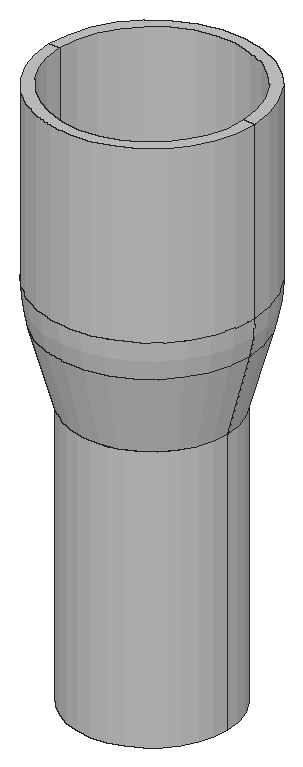
Revit family "9654", category Plumbing Fixtures, Revit 2014
Parameters (values of type "9654BW03-S10")
  Waste Connection = yes
  WFU = 0
  Vent Connection = no
  URL = "http://www.jrsmith.com"
  Product Page URL = "https://www.jrsmith.com/product.aspx?ProductId=604&title=General%20Purpose%20Hub%20Drain"
  Product Documentation Link = "https://www.jrsmith.com/uploads/fileLibrary/d9654.pdf"
  Model = "9654BW03-S10"
  Material = Metal-Jay R Smith-Type 304-Stainless Steel
  Manufacturer = "Jay R Smith"
  Height = 12 3/4"
  HWFU = 0
  HW Connection = yes
  Drain Outlet Connection (Pipe Size) = 3"
  Drain Top Inlet = 4 1/4"
  Description = "General Purpose Hub Drain"  # constant formula
  CWFU = 0
  CW Connection = yes
Types (4): name | Model | Drain Outlet Connection (Pipe Size) | Drain Top Inlet
  (no name) | "9654BW03-S10" | 3" | 4 1/4"
  9654BW03-S10 | "9654BW03-S10" | 3" | 4 1/4"
  9654BW04-S10 | "9654BW04-S10" | 4" | 6 3/8"
  9654BW06-S10 | "9654BW06-S10" | 6" | 8 5/16"
Reference planes (in)
  plane 1 "Center (Front/Back)": y = 0
  plane 2: z = 0
  plane 3 "Center (Left/Right)": x = 0
  plane 4: y = -4.25
  plane 5: y = -3.25
  plane 6: y = -5.25
  plane 7: y = -5
  plane 8: z = -12.75
  plane 9: x = -2.125
  plane 10: x = 2.125
  plane 11: x = -1.5
  plane 12: x = 1.5
Forms (in)
  Revolve 1, solid, material "Metal-Jay R Smith-Type 304-Stainless Steel"
    sketch origin (0, 0, 0) x (1, 0, 0) y (0, 0, 1)
      loop
        line (-2.125, 0) -> (-2.375, 0) -> (-2.375, -4.01324)
        arc (-2.375, -4.01324) -> (-2.34597, -4.4296) -> (-2.25943, -4.83791) r 3
        line (-2.25943, -4.83791) -> (-1.75, -6.61975) -> (-1.75, -12.75) -> (-1.5, -12.75) -> (-1.5, -6.58498) -> (-2.00943, -4.80314)
        arc (-2.00943, -4.80314) -> (-2.09597, -4.39484) -> (-2.125, -3.97848) r 3
        line (-2.125, -3.97848) -> (-2.125, 0)
      axis (0, -12.75) -> (0, 0)
    angle from 0 to 360
Dimensions and locks (in)
  "Drain Top Inlet": plane 1 "Center (Front/Back)" to plane 4
  plane 5 to plane 6 = 2"
  equal spacing: plane 5, plane 4, plane 6
  plane 1 "Center (Front/Back)" to plane 7 = 5"
  plane 2 to plane 8 = 12 3/4"
  locked: plane 9 to Revolve 1 sketch curve at 0.25
  locked: plane 11 to Revolve 1 sketch curve at 0.25
  "Drain Outlet Connection (Pipe Size)": plane 12 to plane 11
  "Drain Top Inlet": plane 10 to plane 9
  equal spacing: plane 10, plane 3 "Center (Left/Right)", plane 9
  equal spacing: plane 12, plane 3 "Center (Left/Right)", plane 11
  aligned and locked: Revolve 1 sketch curve to plane 11
  aligned and locked: Revolve 1 sketch curve to plane 9
Automatic sketch dimensions
  Revolve 1 sketch curve to plane 3 "Center (Left/Right)" = 0"
  Revolve 1 sketch curve to plane 8 = 0"
  Revolve 1 sketch curve to level = 0"
  Revolve 1 sketch curve to plane 9 = 0.13443"
  plane 9 to Revolve 1 sketch curve = 0.11557"
  plane 12 to Revolve 1 sketch curve = 5/8"
  plane 10 to Revolve 1 sketch curve = 1 1/2"
  Revolve 1 sketch curve to Revolve 1 sketch curve = 6.13025"
  Revolve 1 sketch curve to Revolve 1 sketch curve = 0.03476"  (x2)
  Revolve 1 sketch curve to Revolve 1 sketch curve = 1.78184"
  Revolve 1 sketch curve to Revolve 1 sketch curve = 1.30492"
  Revolve 1 sketch curve to Revolve 1 sketch curve = 1.47848"
Connectors (in)
  piping at (0, 0, -12.75), diameter 3, driven by "Drain Outlet Connection (Pipe Size)"
    settings: on Revolve 1, index 2, connector inside diameter 24", connector length 0", flow factor 0, pipe flow 0 GPM, pressure drop 0.00 psi, fitting loss kfactor 0, connector angle 0.00°, fixture units 0, engagement length 0", angle of deflection 0.00°, flow configuration 3, flow direction 2, fitting loss method 0, system type 16, joint type 0, gender type 0, connector reference index -1, connector utility 0, adjustable connector no, is connector primary yes, connector description "Outlet Connection"
